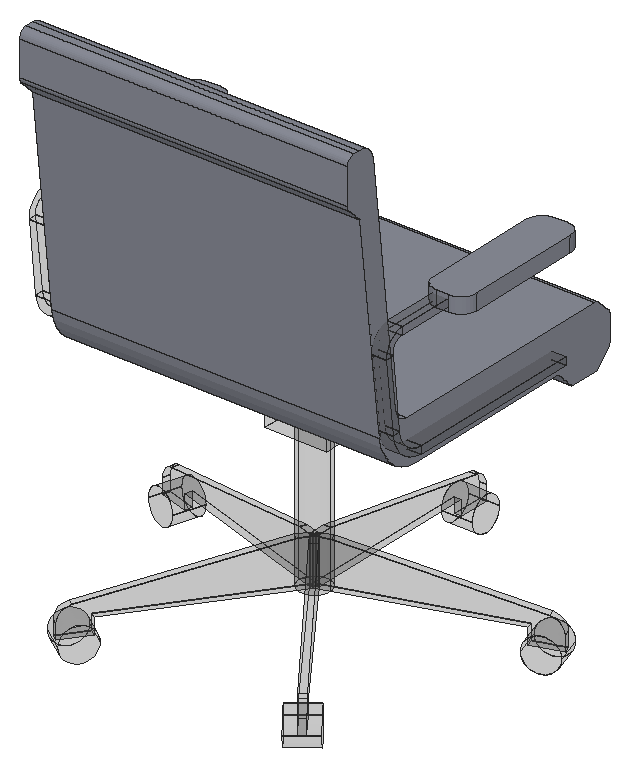
Revit family "Cadeira de escritório básica", category Furniture, Revit 2016
Family settings
  OmniClass Number = 23.40.20.14.14.11
  OmniClass Title = Chairs
  Work Plane-Based = No
  Always vertical = Yes
  Cut with Voids When Loaded = No
  Shared = Yes
  Room Calculation Point = No
Parameters
  Base Material = Plastic - Black
  Caster Material = Plastic - Black
  Seat/Back Material = Textile - Slate Blue
Reference planes
  plane 1 "Center (Front/Back)": y = 18.946
  plane 2: z = 0
  plane 3 "Center (Left/Right)": x = 140.991
  plane 4: x = 458.491
  plane 5: x = -176.509
  plane 6: y = -323.954
  plane 7: y = 361.846
  plane 8: z = 889
  plane 9 "Seat": z = 457.2
  plane 10: y = -247.754
  plane 11: z = 863.6
  plane 12: y = 285.646
  plane 13: y = 260.246
  plane 14: z = 431.8
  plane 15: y = -222.354
  plane 16: z = 787.4
  plane 17: z = 355.6
  plane 18: x = 191.791
  plane 19: x = 90.191
  plane 20: x = 420.391
  plane 21: x = -138.409
  plane 22: z = 609.6
  plane 23: z = 609.6
Forms (mm)
  Extrusion 1, solid, material "Textile - Slate Blue" <- "Seat/Back Material"
    sketch origin (-176.509, 0, 0) x (0, -1, 0) y (0, 0, 1)
      loop
        arc (-255.01, 457.2) -> (-259.851, 456.241) -> (-263.96, 453.51) r 12.7
        line (-263.96, 453.51) -> (-281.896, 435.694)
        arc (-281.896, 435.694) -> (-284.671, 431.563) -> (-285.646, 426.684) r 12.7
        line (-285.646, 426.684) -> (-285.646, 391.641)
        arc (-285.646, 391.641) -> (-283.729, 381.96) -> (-278.266, 373.74) r 25.4
        line (-278.266, 373.74) -> (-260.247, 355.6) -> (-209.447, 355.6) -> (-181.074, 383.784) -> (107.109, 383.784)
        arc (107.109, 383.784) -> (157.745, 403.041) -> (182.787, 451.08) r 76.2
        line (182.787, 451.08) -> (222.354, 787.4) -> (244.034, 809.08)
        arc (244.034, 809.08) -> (246.787, 813.2) -> (247.754, 818.061) r 12.7
        line (247.754, 818.061) -> (247.754, 876.3)
        arc (247.754, 876.3) -> (244.034, 885.28) -> (235.054, 889) r 12.7
        line (235.054, 889) -> (222.179, 889)
        arc (222.179, 889) -> (205.3, 882.581) -> (196.953, 866.568) r 25.4
        line (196.953, 866.568) -> (151.431, 479.632)
        arc (151.431, 479.632) -> (143.084, 463.619) -> (126.205, 457.2) r 25.4
        line (126.205, 457.2) -> (-255.01, 457.2)
    from -50.8 to -584.2
  Extrusion 2, solid, material "Plastic - Black" <- "Base Material"
    sketch origin (191.791, 0, 0) x (0, -1, 0) y (0, 0, 1)
      loop
        line (19.154, 383.784) -> (-69.746, 383.784) -> (-69.746, 371.084) -> (-18.946, 283.095) -> (19.154, 283.095) -> (19.154, 383.784)
    from 0 to 101.6
  Extrusion 3, solid, material "Plastic - Black" <- "Base Material"
    sketch origin (140.991, 0, 0) x (0, 1, 0) y (0, 0, 1)
      loop
        line (18.946, 53.584) -> (311.046, 53.584) -> (311.046, 28.184) -> (361.846, 28.184) -> (361.846, 52.487)
        arc (361.846, 52.487) -> (355.903, 68.813) -> (340.857, 77.501) r 25.4
        line (340.857, 77.501) -> (44.346, 129.784) -> (18.946, 129.784) -> (18.946, 53.584)
    from 6.35 to -6.35
  Extrusion 4, solid, material "Plastic - Black" <- "Caster Material"
    sketch origin (140.991, 0, 0) x (0, 1, 0) y (0, 0, 1)
      loop
        circle (336.446, 28.184) r 28.2
    from 25.4 to -25.4
  Extrusion 5, solid, material "Plastic - Black" <- "Base Material"
    sketch origin (159.009, 13.091, 0) x (-0.951057, 0.309017, 0) y (0, 0, 1)
      loop
        line (18.946, 53.584) -> (311.046, 53.584) -> (311.046, 28.184) -> (361.846, 28.184) -> (361.846, 52.487)
        arc (361.846, 52.487) -> (355.903, 68.813) -> (340.857, 77.501) r 25.4
        line (340.857, 77.501) -> (44.346, 129.784) -> (18.946, 129.784) -> (18.946, 53.584)
    from 6.35 to -6.35
  Extrusion 6, solid, material "Plastic - Black" <- "Caster Material"
    sketch origin (159.009, 13.091, 0) x (-0.951057, 0.309017, 0) y (0, 0, 1)
      loop
        circle (336.446, 28.184) r 28.2
    from 25.4 to -25.4
  Extrusion 7, solid, material "Plastic - Black" <- "Base Material"
    sketch origin (152.127, 34.273, 0) x (-0.587785, -0.809017, 0) y (0, 0, 1)
      loop
        line (18.946, 53.584) -> (311.046, 53.584) -> (311.046, 28.184) -> (361.846, 28.184) -> (361.846, 52.487)
        arc (361.846, 52.487) -> (355.903, 68.813) -> (340.857, 77.501) r 25.4
        line (340.857, 77.501) -> (44.346, 129.784) -> (18.946, 129.784) -> (18.946, 53.584)
    from 6.35 to -6.35
  Extrusion 8, solid, material "Plastic - Black" <- "Caster Material"
    sketch origin (152.127, 34.273, 0) x (-0.587785, -0.809017, 0) y (0, 0, 1)
      loop
        circle (336.446, 28.184) r 28.2
    from 25.4 to -25.4
  Extrusion 9, solid, material "Plastic - Black" <- "Base Material"
    sketch origin (129.855, 34.273, 0) x (0.587785, -0.809017, 0) y (0, 0, 1)
      loop
        line (18.946, 53.584) -> (311.046, 53.584) -> (311.046, 28.184) -> (361.846, 28.184) -> (361.846, 52.487)
        arc (361.846, 52.487) -> (355.903, 68.813) -> (340.857, 77.501) r 25.4
        line (340.857, 77.501) -> (44.346, 129.784) -> (18.946, 129.784) -> (18.946, 53.584)
    from 6.35 to -6.35
  Extrusion 10, solid, material "Plastic - Black" <- "Caster Material"
    sketch origin (129.855, 34.273, 0) x (0.587785, -0.809017, 0) y (0, 0, 1)
      loop
        circle (336.446, 28.184) r 28.2
    from 25.4 to -25.4
  Extrusion 11, solid, material "Plastic - Black" <- "Base Material"
    sketch origin (122.972, 13.091, 0) x (0.951057, 0.309017, 0) y (0, 0, 1)
      loop
        line (18.946, 53.584) -> (311.046, 53.584) -> (311.046, 28.184) -> (361.846, 28.184) -> (361.846, 52.487)
        arc (361.846, 52.487) -> (355.903, 68.813) -> (340.857, 77.501) r 25.4
        line (340.857, 77.501) -> (44.346, 129.784) -> (18.946, 129.784) -> (18.946, 53.584)
    from 6.35 to -6.35
  Extrusion 12, solid, material "Plastic - Black" <- "Caster Material"
    sketch origin (122.972, 13.091, 0) x (0.951057, 0.309017, 0) y (0, 0, 1)
      loop
        circle (336.446, 28.184) r 28.2
    from 25.4 to -25.4
  Extrusion 13, solid, material "Plastic - Black" <- "Base Material"
    sketch origin (0, 0, 0) x (1, 0, 0) y (0, 1, 0)
      loop
        circle (140.991, 18.946) r 25.4
    from 53.584 to 384.175
  Sweep 14, solid, material "Plastic - Black" <- "Base Material"
    path origin (420.391, 0, 0) x (0, -1, 0) y (0, 0, 1)
      loop
        line (-167.032, 419.1) -> (128.329, 419.1)
        arc (128.329, 419.1) -> (162.087, 431.938) -> (178.781, 463.964) r 50.8
        line (178.781, 463.964) -> (192.578, 581.232)
        arc (192.578, 581.232) -> (186.332, 601.079) -> (167.352, 609.6) r 25.4
        line (167.352, 609.6) -> (-18.946, 609.6)
    profile origin (420.391, 19.351, 0) x (0, 0, 1) y (-1, 0, 0)
      loop
        line (425.45, 12.7) -> (412.75, 12.7) -> (412.75, -12.7) -> (425.45, -12.7) -> (425.45, 12.7)
  Sweep 15, solid, material "Plastic - Black" <- "Base Material"
    path origin (-138.409, 0, 0) x (0, -1, 0) y (0, 0, 1)
      loop
        line (-167.032, 419.1) -> (126.239, 419.1)
        arc (126.239, 419.1) -> (159.996, 431.938) -> (176.691, 463.964) r 50.8
        line (176.691, 463.964) -> (190.487, 581.232)
        arc (190.487, 581.232) -> (184.242, 601.079) -> (165.261, 609.6) r 25.4
        line (165.261, 609.6) -> (-18.946, 609.6)
    profile origin (-138.409, 20.397, 0) x (0, 0, 1) y (-1, 0, 0)
      loop
        line (412.75, -12.7) -> (425.45, -12.7) -> (425.45, 12.7) -> (412.75, 12.7) -> (412.75, -12.7)
  Extrusion 16, solid, material "Textile - Slate Blue" <- "Seat/Back Material"
    sketch origin (407.691, 167.032, 425.45) x (0, -1, 0) y (1, 0, 0)
      loop
        line (241.235, 6.35) -> (241.235, 25.4)
        arc (241.235, 25.4) -> (233.795, 43.361) -> (215.835, 50.8) r 25.4
        line (215.835, 50.8) -> (25.4, 50.8)
        arc (25.4, 50.8) -> (7.439, 43.361) -> (0, 25.4) r 25.4
        line (0, 25.4) -> (0, 6.35)
        arc (0, 6.35) -> (7.439, -11.611) -> (25.4, -19.05) r 25.4
        line (25.4, -19.05) -> (215.835, -19.05)
        arc (215.835, -19.05) -> (233.795, -11.611) -> (241.235, 6.35) r 25.4
      loop
        line (240.19, -558.8) -> (240.19, -539.75)
        arc (240.19, -539.75) -> (232.75, -521.789) -> (214.79, -514.35) r 25.4
        line (214.79, -514.35) -> (25.4, -514.35)
        arc (25.4, -514.35) -> (7.439, -521.789) -> (0, -539.75) r 25.4
        line (0, -539.75) -> (0, -558.8)
        arc (0, -558.8) -> (7.439, -576.761) -> (25.4, -584.2) r 25.4
        line (25.4, -584.2) -> (214.79, -584.2)
        arc (214.79, -584.2) -> (232.75, -576.761) -> (240.19, -558.8) r 25.4
    from 171.45 to 196.85
Lines and regions (mm)
  Masking region 1
    outline origin (0, 0, 457.2) x (0, -1, 0) y (1, 0, 0)
      loop
        line (-286.896, -132.059) -> (-168.214, -132.059) -> (-168.214, -151.084)
        arc (-168.214, -151.084) -> (-160.549, -169.591) -> (-142.042, -177.256) r 26.172
        line (-142.042, -177.256) -> (49.214, -177.256)
        arc (49.214, -177.256) -> (68.214, -169.386) -> (76.084, -150.387) r 26.869
        line (76.084, -150.387) -> (76.084, -132.059) -> (218.634, -132.059)
        arc (218.634, -132.059) -> (236.595, -124.62) -> (244.034, -106.659) r 25.4
        line (244.034, -106.659) -> (244.034, 388.641)
        arc (244.034, 388.641) -> (236.595, 406.601) -> (218.634, 414.041) r 25.4
        line (218.634, 414.041) -> (77.12, 414.041) -> (77.12, 432.371)
        arc (77.12, 432.371) -> (69.251, 451.367) -> (50.255, 459.235) r 26.864
        line (50.255, 459.235) -> (-142.04, 459.235)
        arc (-142.04, 459.235) -> (-160.544, 451.571) -> (-168.208, 433.067) r 26.168
        line (-168.208, 433.067) -> (-168.208, 414.041) -> (-286.896, 414.041) -> (-286.896, -132.059)
  symbolic lines
    curve 1: line (-100.309, -247.754, 457.2) -> (382.291, -247.754, 457.2)
    curve 2: line (-125.709, -222.354, 457.2) -> (-125.709, -177.005, 457.2)
    curve 3: line (-74.909, -126.205, 457.2) -> (356.891, -126.205, 457.2)
    curve 4: line (407.691, -222.354, 457.2) -> (407.691, -177.005, 457.2)
    curve 5: arc (-74.909, -126.205, 457.2) -> (-110.83, -141.084, 457.2) -> (-125.709, -177.005, 457.2) r 50.8
    curve 6: arc (356.891, -126.205, 457.2) -> (392.812, -141.084, 457.2) -> (407.691, -177.005, 457.2) r 50.8
    curve 7: arc (-125.709, -222.354, 457.2) -> (-118.27, -240.315, 457.2) -> (-100.309, -247.754, 457.2) r 25.4
    curve 8: arc (407.691, -222.354, 457.2) -> (400.251, -240.315, 457.2) -> (382.291, -247.754, 457.2) r 25.4
    curve 9: line (-132.059, 286.896, 457.2) -> (414.041, 286.896, 457.2)
    curve 10: line (-132.059, -76.084, 457.2) -> (-132.059, -218.634, 457.2)
    curve 11: line (-106.659, -244.034, 457.2) -> (388.641, -244.034, 457.2)
    curve 12: line (414.041, -77.12, 457.2) -> (414.041, -218.634, 457.2)
    curve 13: arc (-132.059, -218.634, 457.2) -> (-124.62, -236.595, 457.2) -> (-106.659, -244.034, 457.2) r 25.4
    curve 14: arc (414.041, -218.634, 457.2) -> (406.601, -236.595, 457.2) -> (388.641, -244.034, 457.2) r 25.4
    curve 15: line (-99.763, -43.787, 457.2) -> (-99.763, 135.918, 457.2)
    curve 16: line (-177.256, 142.042, 457.2) -> (-177.256, -49.214, 457.2)
    curve 17: line (-132.059, 168.214, 457.2) -> (-151.084, 168.214, 457.2)
    curve 18: arc (-151.084, 168.214, 457.2) -> (-169.591, 160.549, 457.2) -> (-177.256, 142.042, 457.2) r 26.172
    curve 19: arc (-99.763, 135.918, 457.2) -> (-109.222, 158.755, 457.2) -> (-132.059, 168.214, 457.2) r 32.296
    curve 20: arc (-177.256, -49.214, 457.2) -> (-169.386, -68.214, 457.2) -> (-150.387, -76.084, 457.2) r 26.869
    curve 21: arc (-132.059, -76.084, 457.2) -> (-109.222, -66.624, 457.2) -> (-99.763, -43.787, 457.2) r 32.296
    curve 22: line (-150.387, -76.084, 457.2) -> (-132.059, -76.084, 457.2)
    curve 23: line (381.757, 135.924, 457.2) -> (381.757, -44.836, 457.2)
    curve 24: arc (414.041, 168.208, 457.2) -> (391.213, 158.752, 457.2) -> (381.757, 135.924, 457.2) r 32.284
    curve 25: line (433.067, 168.208, 457.2) -> (414.041, 168.208, 457.2)
    curve 26: arc (433.067, 168.208, 457.2) -> (451.571, 160.544, 457.2) -> (459.235, 142.04, 457.2) r 26.168
    curve 27: line (459.235, -50.255, 457.2) -> (459.235, 142.04, 457.2)
    curve 28: arc (432.371, -77.12, 457.2) -> (451.367, -69.251, 457.2) -> (459.235, -50.255, 457.2) r 26.864
    curve 29: line (414.041, -77.12, 457.2) -> (432.371, -77.12, 457.2)
    curve 30: arc (414.041, -77.12, 457.2) -> (391.213, -67.664, 457.2) -> (381.757, -44.836, 457.2) r 32.284
    curve 31: line (-132.059, 286.896, 457.2) -> (-132.059, 168.214, 457.2)
    curve 32: line (414.041, 286.896, 457.2) -> (414.041, 168.208, 457.2)
Dimensions and locks
  equal spacing: plane 5, plane 3 "Center (Left/Right)", plane 4
  plane 5 to plane 4 = 635.00 mm
  equal spacing: plane 6, plane 1 "Center (Front/Back)", plane 7
  plane 6 to plane 7 = 685.80 mm
Automatic sketch dimensions
  plane 20 to curve 32 = 6.35 mm
  plane 7 to curve 32 = 74.95 mm
  curve 31 to plane 21 = 6.35 mm
  curve 9 to curve 31 = 118.682 mm
  curve 9 to curve 32 = 118.688 mm
  curve 17 to curve 18 = 26.172 mm
  curve 26 to plane 4 = 0.744 mm
  curve 26 to curve 24 = 6.116 mm
  plane 1 "Center (Front/Back)" to curve 15 = 62.733 mm
  plane 20 to curve 30 = 6.35 mm
  plane 1 "Center (Front/Back)" to curve 30 = 63.782 mm
  plane 5 to curve 20 = 0.747 mm
  curve 21 to curve 20 = 5.427 mm
  curve 30 to curve 28 = 5.419 mm
  curve 21 to curve 21 = 32.296 mm
  curve 28 to plane 20 = 11.98 mm
  curve 21 to curve 3 = 50.121 mm
  curve 6 to curve 4 = 50.80 mm
  curve 4 to curve 14 = 41.629 mm
  curve 2 to curve 13 = 41.629 mm
  curve 13 to curve 7 = 3.72 mm
  curve 14 to curve 8 = 3.72 mm
  curve 7 to curve 13 = 21.68 mm
  curve 8 to curve 11 = 21.68 mm
  curve 11 to curve 7 = 3.72 mm
  curve 13 to plane 21 = 6.35 mm
  curve 13 to curve 7 = 6.35 mm
  curve 1 to curve 14 = 6.35 mm
  Masking region 1 sketch curve to plane 21 = 6.35 mm  (x2)
  plane 7 to Masking region 1 sketch curve = 74.95 mm
  Masking region 1 sketch curve to Masking region 1 sketch curve = 118.682 mm
  plane 20 to Masking region 1 sketch curve = 6.35 mm  (x2)
  Masking region 1 sketch curve to Masking region 1 sketch curve = 118.688 mm
  plane 21 to Masking region 1 sketch curve = 12.675 mm
  Masking region 1 sketch curve to plane 20 = 12.676 mm
  plane 5 to Masking region 1 sketch curve = 0.747 mm
  plane 1 "Center (Front/Back)" to Masking region 1 sketch curve = 68.16 mm
  Masking region 1 sketch curve to plane 4 = 0.744 mm
  plane 1 "Center (Front/Back)" to Masking region 1 sketch curve = 69.201 mm
  plane 21 to Masking region 1 sketch curve = 11.978 mm
  Masking region 1 sketch curve to plane 20 = 11.98 mm
  Masking region 1 sketch curve to plane 6 = 105.32 mm
  Masking region 1 sketch curve to Masking region 1 sketch curve = 25.40 mm
  plane 20 to Masking region 1 sketch curve = 31.75 mm
